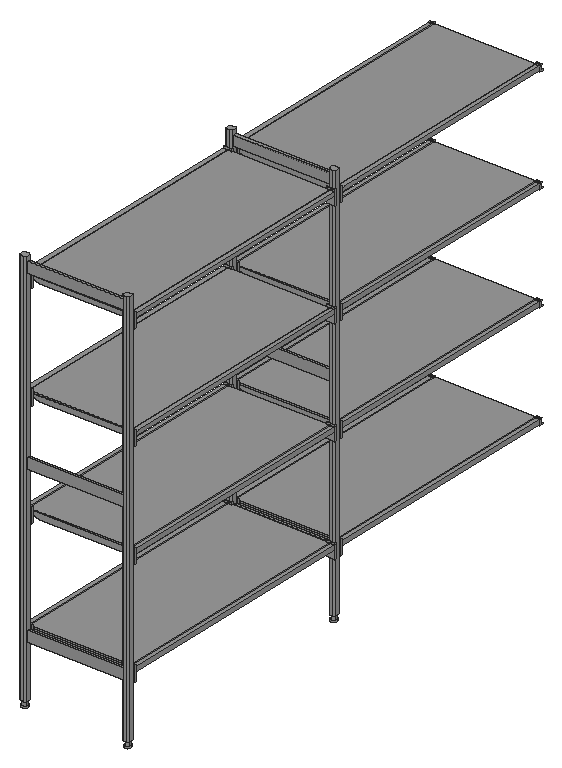
Revit family "QF_ZANUSSI_137085_CLS2192", category Attrezzature speciali, Revit 2020 (continued)
Definition of nested family "WT_Aggancio475"
  Dimensions and locks
    equal spacing: plane 7, plane 6 "Center (Front/Back)", plane 8
    equal spacing: plane 3 "BACK", plane 6 "Center (Front/Back)", plane 4 "FRONT"
    plane 9 "FEET" to level = 25.0 mm
    plane 5 "TOP" to plane 9 "FEET" = 1700.0 mm
    plane 10 to plane 9 "FEET" = 250.0 mm
    plane 11 to plane 10 = 450.0 mm
    plane 12 to plane 11 = 450.0 mm
    plane 13 to plane 12 = 450.0 mm
    locked: plane 3 "BACK" to plane 15 "CYBack" at 17.5
    locked: plane 16 "CYFront" to plane 4 "FRONT" at 17.5
    aligned and locked: level to plane 1
    aligned and locked: Extrusion 1 sketch curve to Extrusion 1 sketch curve  (x3)
  Automatic sketch dimensions
    plane 16 "CYFront" to Extrusion 1 sketch curve = 1.478 mm  (x4)
    Extrusion 1 sketch curve to Extrusion 1 sketch curve = 2.0 mm
    plane 8 to Extrusion 1 sketch curve = 3.478 mm  (x4)
    Extrusion 1 sketch curve to plane 10 = 4.006 mm
    Extrusion 1 sketch curve to Extrusion 1 sketch curve = 34.0 mm  (x4)
    Extrusion 1 sketch curve to plane 11 = 4.006 mm
    Extrusion 1 sketch curve to plane 12 = 4.006 mm
    Extrusion 1 sketch curve to plane 13 = 4.006 mm
    Extrusion 1 sketch curve to plane 7 = 37.522 mm  (x4)
    Extrusion 1 sketch curve to plane 7 = 3.522 mm  (x4)
    plane 14 to Extrusion 1 sketch curve = 3.516 mm  (x4)
    plane 14 to Extrusion 1 sketch curve = 1.522 mm  (x4)
    plane 10 to Extrusion 1 sketch curve = 7.998 mm  (x2)
    Extrusion 1 sketch curve to Extrusion 1 sketch curve = 11.498 mm  (x4)
    Extrusion 1 sketch curve to Extrusion 1 sketch curve = 6.499 mm  (x8)
    plane 11 to Extrusion 1 sketch curve = 7.998 mm  (x2)
    plane 12 to Extrusion 1 sketch curve = 7.998 mm  (x2)
    plane 13 to Extrusion 1 sketch curve = 7.998 mm  (x2)
    plane 2 "LEFT" to Extrusion 2 sketch curve = 0.0 mm  (x4)
    plane 13 to Extrusion 2 sketch curve = 7.996 mm
    plane 11 to Extrusion 2 sketch curve = 7.996 mm
    Extrusion 2 sketch curve to Extrusion 2 sketch curve = 5.0 mm  (x4)
    plane 11 to Extrusion 2 sketch curve = 2.494 mm
    plane 10 to Extrusion 2 sketch curve = 28.996 mm
    Extrusion 2 sketch curve to Extrusion 2 sketch curve = 3.0 mm  (x4)
    plane 10 to Extrusion 2 sketch curve = 7.996 mm
    plane 10 to Extrusion 2 sketch curve = 2.494 mm
    Extrusion 2 sketch curve to Extrusion 2 sketch curve = 18.0 mm  (x3)
    plane 12 to Extrusion 2 sketch curve = 2.494 mm
    plane 12 to Extrusion 2 sketch curve = 7.996 mm
    plane 13 to Extrusion 2 sketch curve = 2.494 mm
    plane 2 "LEFT" to Extrusion 3 sketch curve = 0.0 mm  (x4)
    plane 13 to Extrusion 3 sketch curve = 7.996 mm
    plane 11 to Extrusion 3 sketch curve = 7.996 mm
    Extrusion 3 sketch curve to Extrusion 3 sketch curve = 5.0 mm  (x4)
    plane 11 to Extrusion 3 sketch curve = 2.494 mm
    plane 10 to Extrusion 3 sketch curve = 28.996 mm
    Extrusion 3 sketch curve to Extrusion 3 sketch curve = 3.0 mm  (x4)
    plane 10 to Extrusion 3 sketch curve = 7.996 mm
    plane 10 to Extrusion 3 sketch curve = 2.494 mm
    Extrusion 3 sketch curve to Extrusion 3 sketch curve = 18.0 mm  (x3)
    plane 12 to Extrusion 3 sketch curve = 2.494 mm
    plane 12 to Extrusion 3 sketch curve = 7.996 mm
    plane 13 to Extrusion 3 sketch curve = 2.494 mm
    plane 2 "LEFT" to curve 1 = 5.0 mm
    plane 2 "LEFT" to curve 7 = 5.0 mm
    curve 1 to plane 16 "CYFront" = 17.5 mm
    curve 3 to plane 8 = 12.522 mm
    plane 7 to curve 5 = 12.478 mm
    curve 7 to plane 14 = 17.5 mm
    curve 5 to curve 5 = 4.0 mm
    curve 1 to curve 4 = 4.0 mm
    Extrusion 2 sketch curve to Extrusion 2 sketch curve = 4.0 mm  (x4)
    Extrusion 2 sketch curve to Extrusion 2 sketch curve = 8.969 mm  (x4)
    Extrusion 3 sketch curve to Extrusion 3 sketch curve = 4.0 mm  (x4)
    Extrusion 3 sketch curve to Extrusion 3 sketch curve = 8.969 mm  (x4)
